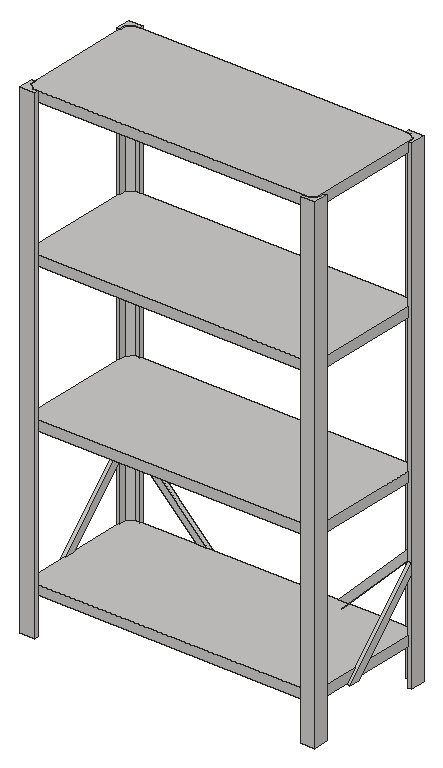
Revit family "QF_ELECTROLUXPROFESSIONAL_132946_NSC1170", category Attrezzature speciali, Revit 2020
Family settings
  Quota connettore circolare = Usa diametro
  Tipo di parte = Normale
  Basato su piano di lavoro = No
  Sempre verticale = Sì
  Taglio con vuoti quando caricato = No
  Condiviso = No
  Punto di calcolo locali = No
Parameters (values of type "Standard")
  Weight = 37.00 kg
  Watts = 0 W
  Volts = 0 V
  URL Manufacturer = "https://www.electroluxprofessional.com/"
  URL = "https://www.electroluxprofessional.com/"
  Steam Supply Size = 0 mm
  Steam Supply Minimum Pressure = 0.0 Pa
  Steam Supply Maximum Pressure = 0.0 Pa
  Steam Consumption per Hour = 0
  Refrigeration Suction Line Size = 0.0 mm
  Refrigeration Liquid Line Size = 0.0 mm
  Refrigerant Compressor Remote = yes
  Prospetto di default = 0.0 mm
  Phase = 0
  Modello = "NSC1170"
  Produttore = "Electrolux Professional"
  Length Actual = 1200.0 mm  # constant formula
  Item Number = "132946"
  Hot Water Size = 0 mm
  Height Actual = 1990.0 mm  # constant formula
  HP = "0 HP"
  Gas Size = 0 mm
  Gas KW = 0
  Gas Input Pressure = 0 W
  Direct Waste Size = 0 mm
  Descrizione = "S/S SHELVING WITH 4 SOLID SHELVES, 1170MM"
  Depth Actual = 550.0 mm  # constant formula
  Cycle = 0 Hz
  Condensate Return Size = 0 mm
  Compressed Air Volume = 0.0 L/s
  Compressed Air Size = 0 mm
  Compressed Air Pressure = 0.0 Pa
  Cold Water Size = 0 mm
  Accessory = yes
Reference planes
  plane 1 "Center (Front/Back)": y = 0
  plane 2: z = 0
  plane 3 "Center (Left/Right)": x = 0
  plane 4 "LEFT": x = -600
  plane 5 "RIGHT": x = 600
  plane 6 "BACK": y = 275
  plane 7 "FRONT": y = -275
  plane 8 "L1": z = 190
  plane 9 "TOP": z = 1990
  plane 10 "L2": z = 790
  plane 11 "L3": z = 1390
  plane 12: x = 540
  plane 13: y = -215
  plane 14: y = 215
  plane 15: x = -540
Forms (mm)
  Extrusion 1, solid, material "QF_Finishes_Stainless Steel"
    sketch origin (0, 0, 0) x (1, 0, 0) y (0, 1, 0)
      loop
        line (-600, 275) -> (-600, 215) -> (-585, 215) -> (-585, 237.5) -> (-562.5, 260) -> (-540, 260) -> (-540, 275) -> (-600, 275)
      loop
        line (-600, -275) -> (-540, -275) -> (-540, -260) -> (-562.5, -260) -> (-585, -237.5) -> (-585, -215) -> (-600, -215) -> (-600, -275)
    from 0 to 1990
  Extrusion 2, solid, material "QF_Finishes_Stainless Steel"
    sketch origin (0, 0, 1990) x (0, 1, 0) y (-1, 0, 0)
      loop
        line (-237.5, 585) -> (-260, 562.5) -> (-260, -562.5) -> (-237.5, -585) -> (237.5, -585) -> (260, -562.5) -> (260, 562.5) -> (237.5, 585) -> (-237.5, 585)
    from 0 to -40
  Extrusion 3, solid, material "QF_Finishes_Stainless Steel"
    sketch origin (0, 275, 0) x (1, 0, 0) y (0, 0, -1)
      loop
        line (270.026, -150) -> (227.6, -150) -> (557.678, -480.078) -> (578.891, -458.864) -> (270.026, -150)
    from 0 to -15
  Extrusion 4, solid, material "QF_Finishes_Stainless Steel"
    sketch origin (-600, 0, 0) x (0, 1, 0) y (0, 0, 1)
      loop
        line (-54.974, 150) -> (253.891, 458.864) -> (232.678, 480.078) -> (-97.4, 150) -> (-54.974, 150)
    from 0 to 15
  Extrusion 5, solid, material "QF_Finishes_Stainless Steel"
    sketch origin (600, 0, 0) x (0, 1, 0) y (0, 0, 1)
      loop
        line (-54.974, 150) -> (253.891, 458.864) -> (232.678, 480.078) -> (-97.4, 150) -> (-54.974, 150)
    from 0 to -15
  Extrusion 6, solid, material "QF_Finishes_Stainless Steel"
    sketch origin (0, 0, 0) x (-1, 0, 0) y (0, -1, 0)
      loop
        line (-600, -275) -> (-540, -275) -> (-540, -260) -> (-562.5, -260) -> (-585, -237.5) -> (-585, -215) -> (-600, -215) -> (-600, -275)
      loop
        line (-600, 275) -> (-600, 215) -> (-585, 215) -> (-585, 237.5) -> (-562.5, 260) -> (-540, 260) -> (-540, 275) -> (-600, 275)
    from 0 to 1990
  Extrusion 7, solid, material "QF_Finishes_Stainless Steel"
    sketch origin (0, 0, 190) x (0, 1, 0) y (-1, 0, 0)
      loop
        line (-237.5, 585) -> (-260, 562.5) -> (-260, -562.5) -> (-237.5, -585) -> (237.5, -585) -> (260, -562.5) -> (260, 562.5) -> (237.5, 585) -> (-237.5, 585)
    from 0 to -40
  Extrusion 8, solid, material "QF_Finishes_Stainless Steel"
    sketch origin (0, 0, 790) x (0, 1, 0) y (-1, 0, 0)
      loop
        line (-237.5, 585) -> (-260, 562.5) -> (-260, -562.5) -> (-237.5, -585) -> (237.5, -585) -> (260, -562.5) -> (260, 562.5) -> (237.5, 585) -> (-237.5, 585)
    from 0 to -40
  Extrusion 9, solid, material "QF_Finishes_Stainless Steel"
    sketch origin (0, 0, 1390) x (0, 1, 0) y (-1, 0, 0)
      loop
        line (-237.5, 585) -> (-260, 562.5) -> (-260, -562.5) -> (-237.5, -585) -> (237.5, -585) -> (260, -562.5) -> (260, 562.5) -> (237.5, 585) -> (-237.5, 585)
    from 0 to -40
  Extrusion 10, solid, material "QF_Finishes_Stainless Steel"
    sketch origin (0, 275, 0) x (-1, 0, 0) y (0, 0, 1)
      loop
        line (270.026, 150) -> (578.891, 458.864) -> (557.678, 480.078) -> (227.6, 150) -> (270.026, 150)
    from 0 to -15
Cuts and joins
  joined: Extrusion 1, Extrusion 3, Extrusion 4, Extrusion 5
Lines and regions (mm)
  symbolic lines
    curve 1: line (-600, 215, 190) -> (-600, 275, 190)
    curve 2: line (-600, 275, 190) -> (-540, 275, 190)
    curve 3: line (-540, 275, 190) -> (-540, 260, 190)
    curve 4: line (-540, 260, 190) -> (-562.5, 260, 190)
    curve 5: line (-562.5, 260, 190) -> (-585, 237.5, 190)
    curve 6: line (-585, 237.5, 190) -> (-585, 215, 190)
    curve 7: line (-585, 215, 190) -> (-600, 215, 190)
    curve 8: line (-600, -215, 190) -> (-585, -215, 190)
    curve 9: line (-585, -215, 190) -> (-585, -237.5, 190)
    curve 10: line (-585, -237.5, 190) -> (-562.5, -260, 190)
    curve 11: line (-562.5, -260, 190) -> (-540, -260, 190)
    curve 12: line (-540, -260, 190) -> (-540, -275, 190)
    curve 13: line (-540, -275, 190) -> (-600, -275, 190)
    curve 14: line (-600, -275, 190) -> (-600, -215, 190)
    curve 15: line (540, -275, 190) -> (600, -275, 190)
    curve 16: line (600, -275, 190) -> (600, -215, 190)
    curve 17: line (600, -215, 190) -> (585, -215, 190)
    curve 18: line (585, -215, 190) -> (585, -237.5, 190)
    curve 19: line (585, -237.5, 190) -> (562.5, -260, 190)
    curve 20: line (562.5, -260, 190) -> (540, -260, 190)
    curve 21: line (540, -260, 190) -> (540, -275, 190)
    curve 22: line (540, 275, 190) -> (540, 260, 190)
    curve 23: line (540, 260, 190) -> (562.5, 260, 190)
    curve 24: line (562.5, 260, 190) -> (585, 237.5, 190)
    curve 25: line (585, 237.5, 190) -> (585, 215, 190)
    curve 26: line (585, 215, 190) -> (600, 215, 190)
    curve 27: line (600, 215, 190) -> (600, 275, 190)
    curve 28: line (600, 275, 190) -> (540, 275, 190)
    curve 29: line (-540, 260, 190) -> (540, 260, 190)
    curve 30: line (585, 215, 190) -> (585, -215, 190)
    curve 31: line (540, -260, 190) -> (-540, -260, 190)
    curve 32: line (-585, -215, 190) -> (-585, 215, 190)
    curve 33: line (-600, -275, 190) -> (600, 275, 190)
Dimensions and locks
  plane 4 "LEFT" to plane 5 "RIGHT" = 1200.0 mm
  equal spacing: plane 4 "LEFT", plane 3 "Center (Left/Right)", plane 5 "RIGHT"
  equal spacing: plane 6 "BACK", plane 1 "Center (Front/Back)", plane 7 "FRONT"
  plane 6 "BACK" to plane 7 "FRONT" = 550.0 mm
  locked: plane 8 "L1" to level at 190
  locked: plane 9 "TOP" to level at 1990
  plane 9 "TOP" to plane 11 "L3" to plane 10 "L2" to plane 8 "L1" = 600.0 mm, 600.0 mm, 600.0 mm
  locked: cut or joined group of Extrusion 1, Extrusion 3, Extrusion 4, Extrusion 5 to cut or joined group of Extrusion 1, Extrusion 3, Extrusion 4, Extrusion 5 at 30
  locked: plane 5 "RIGHT" to Extrusion 3 sketch curve at 329.974
  locked: plane 6 "BACK" to plane 14 at 60
  locked: plane 13 to plane 7 "FRONT" at 60
  locked: plane 15 to plane 4 "LEFT" at 60
  locked: plane 5 "RIGHT" to plane 12 at 60
  locked: plane 8 "L1" to cut or joined group of Extrusion 1, Extrusion 3, Extrusion 4, Extrusion 5 (angle 45.00°)
  aligned and locked: level to plane 2
  aligned and locked: plane 4 "LEFT" to cut or joined group of Extrusion 1, Extrusion 3, Extrusion 4, Extrusion 5
  aligned and locked: cut or joined group of Extrusion 1, Extrusion 3, Extrusion 4, Extrusion 5 to plane 15
Automatic sketch dimensions
  Extrusion 1 sketch curve to plane 4 "LEFT" = 0.0 mm  (x2)
  Extrusion 1 sketch curve to plane 13 = 0.0 mm
  Extrusion 1 sketch curve to plane 14 = 0.0 mm
  Extrusion 1 sketch curve to plane 15 = 0.0 mm  (x2)
  Extrusion 1 sketch curve to plane 6 "BACK" = 0.0 mm
  Extrusion 1 sketch curve to plane 7 "FRONT" = 0.0 mm
  plane 4 "LEFT" to Extrusion 1 sketch curve = 15.0 mm  (x2)
  plane 15 to Extrusion 1 sketch curve = 22.5 mm  (x2)
  plane 7 "FRONT" to Extrusion 1 sketch curve = 15.0 mm
  Extrusion 1 sketch curve to Extrusion 1 sketch curve = 22.5 mm
  plane 14 to Extrusion 1 sketch curve = 22.5 mm
  Extrusion 1 sketch curve to Extrusion 1 sketch curve = 15.0 mm
  plane 7 "FRONT" to Extrusion 2 sketch curve = 15.0 mm
  Extrusion 2 sketch curve to plane 13 = 22.5 mm  (x2)
  plane 14 to Extrusion 2 sketch curve = 22.5 mm  (x2)
  Extrusion 2 sketch curve to plane 6 "BACK" = 15.0 mm
  Extrusion 2 sketch curve to plane 5 "RIGHT" = 15.0 mm
  Extrusion 2 sketch curve to plane 12 = 22.5 mm  (x2)
  plane 15 to Extrusion 2 sketch curve = 22.5 mm  (x2)
  plane 4 "LEFT" to Extrusion 2 sketch curve = 15.0 mm
  plane 8 "L1" to Extrusion 3 sketch curve = 40.0 mm
  Extrusion 3 sketch curve to Extrusion 3 sketch curve = 42.426 mm
  plane 12 to Extrusion 3 sketch curve = 17.678 mm
  plane 5 "RIGHT" to Extrusion 3 sketch curve = 21.109 mm
  Extrusion 4 sketch curve to plane 8 "L1" = 40.0 mm
  plane 1 "Center (Front/Back)" to Extrusion 4 sketch curve = 97.4 mm
  Extrusion 4 sketch curve to Extrusion 4 sketch curve = 42.426 mm
  plane 14 to Extrusion 4 sketch curve = 17.678 mm
  Extrusion 4 sketch curve to plane 6 "BACK" = 21.109 mm
  Extrusion 5 sketch curve to plane 8 "L1" = 40.0 mm
  plane 1 "Center (Front/Back)" to Extrusion 5 sketch curve = 97.4 mm
  Extrusion 5 sketch curve to Extrusion 5 sketch curve = 42.426 mm
  plane 14 to Extrusion 5 sketch curve = 17.678 mm
  Extrusion 5 sketch curve to plane 6 "BACK" = 21.109 mm
  Extrusion 6 sketch curve to plane 5 "RIGHT" = 0.0 mm  (x2)
  plane 13 to Extrusion 6 sketch curve = 0.0 mm
  plane 14 to Extrusion 6 sketch curve = 0.0 mm
  Extrusion 6 sketch curve to plane 12 = 0.0 mm  (x2)
  Extrusion 6 sketch curve to plane 6 "BACK" = 0.0 mm
  plane 7 "FRONT" to Extrusion 6 sketch curve = 0.0 mm
  plane 5 "RIGHT" to Extrusion 6 sketch curve = 15.0 mm  (x2)
  plane 12 to Extrusion 6 sketch curve = 22.5 mm  (x2)
  Extrusion 6 sketch curve to plane 7 "FRONT" = 15.0 mm
  plane 13 to Extrusion 6 sketch curve = 22.5 mm
  Extrusion 6 sketch curve to Extrusion 6 sketch curve = 22.5 mm
  plane 6 "BACK" to Extrusion 6 sketch curve = 15.0 mm
  plane 7 "FRONT" to Extrusion 7 sketch curve = 15.0 mm
  Extrusion 7 sketch curve to plane 13 = 22.5 mm  (x2)
  plane 14 to Extrusion 7 sketch curve = 22.5 mm  (x2)
  Extrusion 7 sketch curve to plane 6 "BACK" = 15.0 mm
  Extrusion 7 sketch curve to plane 5 "RIGHT" = 15.0 mm
  Extrusion 7 sketch curve to plane 12 = 22.5 mm  (x2)
  plane 15 to Extrusion 7 sketch curve = 22.5 mm  (x2)
  plane 4 "LEFT" to Extrusion 7 sketch curve = 15.0 mm
  plane 7 "FRONT" to Extrusion 8 sketch curve = 15.0 mm
  Extrusion 8 sketch curve to plane 13 = 22.5 mm  (x2)
  plane 14 to Extrusion 8 sketch curve = 22.5 mm  (x2)
  Extrusion 8 sketch curve to plane 6 "BACK" = 15.0 mm
  Extrusion 8 sketch curve to plane 5 "RIGHT" = 15.0 mm
  Extrusion 8 sketch curve to plane 12 = 22.5 mm  (x2)
  plane 15 to Extrusion 8 sketch curve = 22.5 mm  (x2)
  plane 4 "LEFT" to Extrusion 8 sketch curve = 15.0 mm
  plane 7 "FRONT" to Extrusion 9 sketch curve = 15.0 mm
  Extrusion 9 sketch curve to plane 13 = 22.5 mm  (x2)
  plane 14 to Extrusion 9 sketch curve = 22.5 mm  (x2)
  Extrusion 9 sketch curve to plane 6 "BACK" = 15.0 mm
  Extrusion 9 sketch curve to plane 5 "RIGHT" = 15.0 mm
  Extrusion 9 sketch curve to plane 12 = 22.5 mm  (x2)
  plane 15 to Extrusion 9 sketch curve = 22.5 mm  (x2)
  plane 4 "LEFT" to Extrusion 9 sketch curve = 15.0 mm
  curve 21 to plane 7 "FRONT" = 0.0 mm
  curve 33 to plane 4 "LEFT" = 0.0 mm
  curve 33 to plane 7 "FRONT" = 0.0 mm
  curve 31 to plane 12 = 0.0 mm
  curve 31 to plane 15 = 0.0 mm
  curve 8 to plane 13 = 0.0 mm
  plane 13 to curve 30 = 0.0 mm
  curve 1 to plane 4 "LEFT" = 0.0 mm
  curve 1 to plane 14 = 0.0 mm
  curve 26 to plane 5 "RIGHT" = 0.0 mm
  plane 14 to curve 26 = 0.0 mm
  curve 4 to plane 15 = 0.0 mm
  curve 23 to plane 12 = 0.0 mm
  plane 6 "BACK" to curve 27 = 0.0 mm
  curve 3 to plane 6 "BACK" = 0.0 mm
  curve 16 to plane 5 "RIGHT" = 0.0 mm
  curve 15 to curve 31 = 15.0 mm
  curve 10 to plane 13 = 22.5 mm
  curve 19 to plane 13 = 22.5 mm
  curve 25 to curve 24 = 22.5 mm
  curve 6 to curve 6 = 22.5 mm
  curve 23 to plane 6 "BACK" = 15.0 mm
  curve 26 to curve 25 = 15.0 mm
  curve 24 to curve 22 = 22.5 mm
  curve 20 to curve 20 = 22.5 mm
  plane 15 to curve 4 = 22.5 mm
  plane 15 to curve 11 = 22.5 mm
  plane 4 "LEFT" to curve 6 = 15.0 mm
  Extrusion 10 sketch curve to plane 8 "L1" = 40.0 mm
  Extrusion 10 sketch curve to plane 15 = 312.4 mm
  Extrusion 10 sketch curve to Extrusion 10 sketch curve = 42.426 mm
  plane 15 to Extrusion 10 sketch curve = 17.678 mm
  plane 4 "LEFT" to Extrusion 10 sketch curve = 21.109 mm
